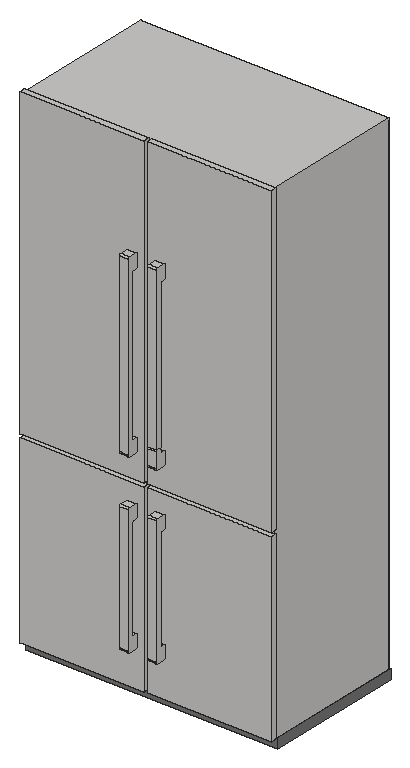
Revit family "DRF427500AP", category Specialty Equipment, Revit 2014
Parameters (values of type "DRF427500AP")
  iQ RemoteView™ Camera = "Yes"
  iQ Remote Diagnostics™ (Wi-Fi) = "Yes"
  Width = 41 3/4"
  Volts (V) = "115"
  Unit = Stainless Steel
  Triple Cooling (3 evaporators,2 compressors) = "Yes"
  Total Unit Gross Capacity (cu.ft.) - AHAM = "23.5 cu. ft."
  Support = Plastic-Black
  Special Modes = "Sabbath Mode"
  Shelf Material - Refrigerator = "Tempered Glass Shelves w/Metal Trim"
  Refrigerator Gross Capacity (cu.ft.) = "16.8 cu. ft."
  Refrigerator - Power Cool = "34°F (1°C)"
  Refrigerator = "34°F (1°C) to 44°F (7°C)"
  Push-To-Open™ Door Assist = "No"
  Power Freeze - Freezer = "Yes"
  Power Cord Length (in.) = "78 3/4\""
  Power Cool - Refrigerator = "Yes"
  Plug Type = "120 V, 3 Prong"
  Panel Ready = "Yes"
  Model = "DRF427500AP"
  Manufacturer = "Dacor"
  Lighting = "3DLighting™"
  Internal Water Dispenser = "Yes"
  Interior Material = "SteelCool™ Interior"
  Icemaker = "Dual Icemaker for Standard and Cocktail Ice™"
  Height = 83 3/8"
  Handle = Stainless Steel
  Full Width Shelves - Refrigerator = "1 ea"
  Full Extension Drawers at 90º Door Opening Angle = "Yes"
  FreshZone™ Plus Compartment = "Yes - Converts from freezer -8°F to to refrigerator 33°F"
  FreshZone™ Plus = "-8°F (-23°C) to 33°F (1°C)"
  FreshZone™ Drawer = "Yes - Cheese (37°F) / Cold Drinks (33°F) / Meat (29°F)"
  Frequency (Hz) = "60"
  Freezer Gross Capacity (cu.ft.) = "6.7 cu.ft."
  Freezer Drawers = "4 ea"
  Freezer - Power Freeze = "-8°F (-23°C)"
  Freezer = "-8°F (-23°C) to -5°F (-15°C)"
  ENERGY STAR® Qualified = "Yes"
  Door Open Alarm = "Yes"
  Door Bins -Refrigerator = "6 ea"
  Door = Stainless Steel
  Description = "42-INCH Four-Door FreshZone Plus French Door"
  Depth = 24 11/16"
  Deodorizing Filter = "Yes"
  Defrost Process - Freezer = "Frost-Free"
  Current (A) = "6"
  Crisper Drawers = "2 ea"
  Annual Energy Consumption = "629 kWy/year"
  Adjustable Shelves - Refrigerator = "4 ea"
Reference planes (in)
  plane 1 "Center (Front/Back)": y = 0
  plane 2: z = 0
  plane 3 "Center (Left/Right)": x = 0
  plane 4: y = 12.34375
  plane 5: y = -12.34375
  plane 6: x = -20.875
  plane 7: x = 20.875
  plane 8: z = 83.375
  plane 9: z = 1.5
  plane 10: y = -14.21875
  plane 11: y = -11.46875
  plane 12: x = -20.625
  plane 13: x = 20.625
  plane 14: z = 82.875
Forms (in)
  Extrusion 1, solid, material "Stainless Steel" <- "Unit"
    sketch origin (0, 0, 0) x (1, 0, 0) y (0, 1, 0)
      loop
        arc (-20.49609, 12.34375) -> (-20.58724, 12.30599) -> (-20.625, 12.21484) r 0.12891
        line (-20.625, 12.21484) -> (-20.625, -11.46875) -> (-20.125, -11.46875) -> (-20.125, 11.78125) -> (19.875, 11.78125) -> (19.875, -11.46875) -> (20.625, -11.46875) -> (20.625, 12.21622)
        arc (20.625, 12.21622) -> (20.58765, 12.3064) -> (20.49747, 12.34375) r 0.12753
        line (20.49747, 12.34375) -> (-20.49609, 12.34375)
    from 1.5 to 83.25
  Extrusion 2, solid, material "Stainless Steel" <- "Door"
    sketch origin (0, 0, 0) x (1, 0, 0) y (0, 0, 1)
      loop
        arc (-20.83614, 83.375) -> (-20.86362, 83.36362) -> (-20.875, 83.33614) r 0.03886
        line (-20.875, 83.33614) -> (-20.875, 32.60521)
        arc (-20.875, 32.60521) -> (-20.86356, 32.57759) -> (-20.83594, 32.56615) r 0.03906
        line (-20.83594, 32.56615) -> (-0.30469, 32.56615)
        arc (-0.30469, 32.56615) -> (-0.27707, 32.57759) -> (-0.26563, 32.60521) r 0.03906
        line (-0.26563, 32.60521) -> (-0.26563, 83.33594)
        arc (-0.26563, 83.33594) -> (-0.27707, 83.36356) -> (-0.30469, 83.375) r 0.03906
        line (-0.30469, 83.375) -> (-20.83614, 83.375)
      loop
        line (20.83594, 83.375) -> (0.27344, 83.375)
        arc (0.27344, 83.375) -> (0.24582, 83.36356) -> (0.23437, 83.33594) r 0.03906
        line (0.23437, 83.33594) -> (0.23437, 32.60521)
        arc (0.23437, 32.60521) -> (0.24582, 32.57759) -> (0.27344, 32.56615) r 0.03906
        line (0.27344, 32.56615) -> (20.83594, 32.56615)
        arc (20.83594, 32.56615) -> (20.86356, 32.57759) -> (20.875, 32.60521) r 0.03906
        line (20.875, 32.60521) -> (20.875, 83.33594)
        arc (20.875, 83.33594) -> (20.86356, 83.36356) -> (20.83594, 83.375) r 0.03906
      loop
        line (-20.83594, 1.5) -> (-0.30469, 1.5)
        arc (-0.30469, 1.5) -> (-0.27707, 1.51144) -> (-0.26563, 1.53906) r 0.03906
        line (-0.26563, 1.53906) -> (-0.26563, 31.96094)
        arc (-0.26563, 31.96094) -> (-0.27707, 31.98856) -> (-0.30469, 32) r 0.03906
        line (-0.30469, 32) -> (-20.83594, 32)
        arc (-20.83594, 32) -> (-20.86356, 31.98856) -> (-20.875, 31.96094) r 0.03906
        line (-20.875, 31.96094) -> (-20.875, 1.53906)
        arc (-20.875, 1.53906) -> (-20.86356, 1.51144) -> (-20.83594, 1.5) r 0.03906
      loop
        arc (20.83594, 1.5) -> (20.86356, 1.51144) -> (20.875, 1.53906) r 0.03906
        line (20.875, 1.53906) -> (20.875, 31.96094)
        arc (20.875, 31.96094) -> (20.86356, 31.98856) -> (20.83594, 32) r 0.03906
        line (20.83594, 32) -> (0.27344, 32)
        arc (0.27344, 32) -> (0.24582, 31.98856) -> (0.23437, 31.96094) r 0.03906
        line (0.23437, 31.96094) -> (0.23437, 1.53906)
        arc (0.23437, 1.53906) -> (0.24582, 1.51144) -> (0.27344, 1.5) r 0.03906
        line (0.27344, 1.5) -> (20.83594, 1.5)
    from 11.46875 to 12.34375
  Extrusion 3, solid, material "Stainless Steel" <- "Unit"
    sketch origin (0, 0, 83.25) x (1, 0, 0) y (0, 1, 0)
      loop
        line (19.875, 11.78125) -> (-20.125, 11.78125) -> (-20.125, -11.46875) -> (19.875, -11.46875) -> (19.875, 11.78125)
    from 0 to -2.02013
  Extrusion 4, solid, material "Stainless Steel" <- "Unit"
    sketch origin (0, 0, 1.5) x (0, 1, 0) y (1, 0, 0)
      loop
        line (11.78125, -20.125) -> (11.78125, 19.875) -> (-11.46875, 19.875) -> (-11.46875, -20.125) -> (11.78125, -20.125)
    from 0 to -1.07963
  Extrusion 5, solid, material "Plastic-Black" <- "Support"
    sketch origin (0, 0, 0) x (0, 1, 0) y (0, 0, 1)
      loop
        line (12.21484, 1.5) -> (-11.09375, 1.5) -> (-11.09375, 0) -> (12.21484, 0) -> (12.21484, 1.5)
    from -20.875 to 20.875
  Extrusion 6, solid, material "Stainless Steel" <- "Handle"
    sketch origin (-0.75, 2.5, 0) x (0, 1, 0) y (0, 0, 1)
      loop
        line (-14.625, 66.2177) -> (-16.25, 66.2177)
        arc (-16.25, 66.2177) -> (-16.42678, 66.14448) -> (-16.5, 65.9677) r 0.25
        line (-16.5, 65.9677) -> (-16.5, 63.4677)
        arc (-16.5, 63.4677) -> (-16.42678, 63.29092) -> (-16.25, 63.2177) r 0.25
        line (-16.25, 63.2177) -> (-16, 63.2177)
        arc (-16, 63.2177) -> (-15.82322, 63.29092) -> (-15.75, 63.4677) r 0.25
        line (-15.75, 63.4677) -> (-15.75, 63.85177)
        arc (-15.75, 63.85177) -> (-15.71605, 63.93374) -> (-15.63407, 63.9677) r 0.11593
        line (-15.63407, 63.9677) -> (-14.625, 63.9677) -> (-14.625, 66.2177)
      loop
        line (-14.625, 36.60994) -> (-14.625, 38.85994) -> (-15.63407, 38.85994)
        arc (-15.63407, 38.85994) -> (-15.71605, 38.89389) -> (-15.75, 38.97587) r 0.11593
        line (-15.75, 38.97587) -> (-15.75, 39.35994)
        arc (-15.75, 39.35994) -> (-15.82322, 39.53672) -> (-16, 39.60994) r 0.25
        line (-16, 39.60994) -> (-16.25, 39.60994)
        arc (-16.25, 39.60994) -> (-16.42678, 39.53672) -> (-16.5, 39.35994) r 0.25
        line (-16.5, 39.35994) -> (-16.5, 36.85994)
        arc (-16.5, 36.85994) -> (-16.42678, 36.68316) -> (-16.25, 36.60994) r 0.25
        line (-16.25, 36.60994) -> (-14.625, 36.60994)
    from -2.34178 to -0.84178
  Extrusion 7, solid, material "Stainless Steel" <- "Handle"
    sketch origin (-0.75, 2.5, 0) x (1, 0, 0) y (0, 1, 0)
      loop
        line (-2.34178, -15.75) -> (-2.34178, -16.5) -> (-0.84178, -16.5) -> (-0.84178, -15.75) -> (-2.34178, -15.75)
    from 39.28882 to 64.00279
  Extrusion 8, solid, material "Stainless Steel" <- "Handle"
    sketch origin (0.75, 2.5, 0) x (0, 1, 0) y (0, 0, -1)
      loop
        line (-14.625, -66.2177) -> (-14.625, -63.9677) -> (-15.63407, -63.9677)
        arc (-15.63407, -63.9677) -> (-15.71605, -63.93374) -> (-15.75, -63.85177) r 0.11593
        line (-15.75, -63.85177) -> (-15.75, -63.4677)
        arc (-15.75, -63.4677) -> (-15.82322, -63.29092) -> (-16, -63.2177) r 0.25
        line (-16, -63.2177) -> (-16.25, -63.2177)
        arc (-16.25, -63.2177) -> (-16.42678, -63.29092) -> (-16.5, -63.4677) r 0.25
        line (-16.5, -63.4677) -> (-16.5, -65.9677)
        arc (-16.5, -65.9677) -> (-16.42678, -66.14448) -> (-16.25, -66.2177) r 0.25
        line (-16.25, -66.2177) -> (-14.625, -66.2177)
      loop
        line (-14.625, -36.23494) -> (-16.25, -36.23494)
        arc (-16.25, -36.23494) -> (-16.42678, -36.30816) -> (-16.5, -36.48494) r 0.25
        line (-16.5, -36.48494) -> (-16.5, -38.98494)
        arc (-16.5, -38.98494) -> (-16.42678, -39.16172) -> (-16.25, -39.23494) r 0.25
        line (-16.25, -39.23494) -> (-16, -39.23494)
        arc (-16, -39.23494) -> (-15.82322, -39.16172) -> (-15.75, -38.98494) r 0.25
        line (-15.75, -38.98494) -> (-15.75, -38.60087)
        arc (-15.75, -38.60087) -> (-15.71605, -38.51889) -> (-15.63407, -38.48494) r 0.11593
        line (-15.63407, -38.48494) -> (-14.625, -38.48494) -> (-14.625, -36.23494)
    from -2.34178 to -0.84178
  Extrusion 9, solid, material "Stainless Steel" <- "Handle"
    sketch origin (0.75, 2.5, 0) x (-1, 0, 0) y (0, -1, 0)
      loop
        line (-2.34178, 15.75) -> (-0.84178, 15.75) -> (-0.84178, 16.5) -> (-2.34178, 16.5) -> (-2.34178, 15.75)
    from 39.28882 to 64.00279
  Extrusion 10, solid, material "Stainless Steel" <- "Handle"
    sketch origin (-0.75, 2.5, -36.60994) x (0, 1, 0) y (0, 0, 1)
      loop
        line (-14.625, 65.5927) -> (-16.25, 65.5927)
        arc (-16.25, 65.5927) -> (-16.42678, 65.51948) -> (-16.5, 65.3427) r 0.25
        line (-16.5, 65.3427) -> (-16.5, 62.8427)
        arc (-16.5, 62.8427) -> (-16.42678, 62.66592) -> (-16.25, 62.5927) r 0.25
        line (-16.25, 62.5927) -> (-16, 62.5927)
        arc (-16, 62.5927) -> (-15.82322, 62.66592) -> (-15.75, 62.8427) r 0.25
        line (-15.75, 62.8427) -> (-15.75, 63.22677)
        arc (-15.75, 63.22677) -> (-15.71605, 63.30874) -> (-15.63407, 63.3427) r 0.11593
        line (-15.63407, 63.3427) -> (-14.625, 63.3427) -> (-14.625, 65.5927)
      loop
        line (-14.625, 44.10994) -> (-14.625, 46.35994) -> (-15.63407, 46.35994)
        arc (-15.63407, 46.35994) -> (-15.71605, 46.39389) -> (-15.75, 46.47587) r 0.11593
        line (-15.75, 46.47587) -> (-15.75, 46.85994)
        arc (-15.75, 46.85994) -> (-15.82322, 47.03672) -> (-16, 47.10994) r 0.25
        line (-16, 47.10994) -> (-16.25, 47.10994)
        arc (-16.25, 47.10994) -> (-16.42678, 47.03672) -> (-16.5, 46.85994) r 0.25
        line (-16.5, 46.85994) -> (-16.5, 44.35994)
        arc (-16.5, 44.35994) -> (-16.42678, 44.18316) -> (-16.25, 44.10994) r 0.25
        line (-16.25, 44.10994) -> (-14.625, 44.10994)
    from -2.34178 to -0.84178
  Extrusion 11, solid, material "Stainless Steel" <- "Handle"
    sketch origin (-0.75, 2.5, -36.60994) x (1, 0, 0) y (0, 1, 0)
      loop
        line (-2.34178, -15.75) -> (-2.34178, -16.5) -> (-0.84178, -16.5) -> (-0.84178, -15.75) -> (-2.34178, -15.75)
    from 45.92611 to 64.00279
  Extrusion 12, solid, material "Stainless Steel" <- "Handle"
    sketch origin (0.75, 2.5, -36.60994) x (0, 1, 0) y (0, 0, -1)
      loop
        line (-14.625, -65.5927) -> (-14.625, -63.3427) -> (-15.63407, -63.3427)
        arc (-15.63407, -63.3427) -> (-15.71605, -63.30874) -> (-15.75, -63.22677) r 0.11593
        line (-15.75, -63.22677) -> (-15.75, -62.8427)
        arc (-15.75, -62.8427) -> (-15.82322, -62.66592) -> (-16, -62.5927) r 0.25
        line (-16, -62.5927) -> (-16.25, -62.5927)
        arc (-16.25, -62.5927) -> (-16.42678, -62.66592) -> (-16.5, -62.8427) r 0.25
        line (-16.5, -62.8427) -> (-16.5, -65.3427)
        arc (-16.5, -65.3427) -> (-16.42678, -65.51948) -> (-16.25, -65.5927) r 0.25
        line (-16.25, -65.5927) -> (-14.625, -65.5927)
      loop
        line (-14.625, -44.10994) -> (-16.25, -44.10994)
        arc (-16.25, -44.10994) -> (-16.42678, -44.18316) -> (-16.5, -44.35994) r 0.25
        line (-16.5, -44.35994) -> (-16.5, -46.85994)
        arc (-16.5, -46.85994) -> (-16.42678, -47.03672) -> (-16.25, -47.10994) r 0.25
        line (-16.25, -47.10994) -> (-16, -47.10994)
        arc (-16, -47.10994) -> (-15.82322, -47.03672) -> (-15.75, -46.85994) r 0.25
        line (-15.75, -46.85994) -> (-15.75, -46.47587)
        arc (-15.75, -46.47587) -> (-15.71605, -46.39389) -> (-15.63407, -46.35994) r 0.11593
        line (-15.63407, -46.35994) -> (-14.625, -46.35994) -> (-14.625, -44.10994)
    from -2.34178 to -0.84178
  Extrusion 13, solid, material "Stainless Steel" <- "Handle"
    sketch origin (0.75, 2.5, -36.60994) x (-1, 0, 0) y (0, -1, 0)
      loop
        line (-2.34178, 15.75) -> (-0.84178, 15.75) -> (-0.84178, 16.5) -> (-2.34178, 16.5) -> (-2.34178, 15.75)
    from 45.92611 to 64.00279
Cuts and joins
  joined: Extrusion 1, Extrusion 3, Extrusion 4
  joined: Extrusion 6, Extrusion 7
  joined: Extrusion 8, Extrusion 9
  joined: Extrusion 10, Extrusion 11
  joined: Extrusion 12, Extrusion 13
Dimensions and locks (in)
  equal spacing: plane 6, plane 3 "Center (Left/Right)", plane 7
  "Width": plane 6 to plane 7
  equal spacing: plane 4, plane 1 "Center (Front/Back)", plane 5
  "Depth": plane 4 to plane 5
  "Height": plane 8 to plane 2
  locked: plane 9 to plane 2 at 1.5
  plane 5 to plane 10 = 1 7/8"
  locked: plane 4 to plane 11 at 23.8125
  plane 12 to plane 13 = 41 1/4"
  locked: plane 8 to plane 14 at 0.5
  Extrusion 5 to Extrusion 5 = 41 3/4"
  Extrusion 2 to cut or joined group of Extrusion 1, Extrusion 3, Extrusion 4 = 24 11/16"
  Extrusion 2 to Extrusion 5 = 83 3/8"
  aligned and locked: level to plane 2
Automatic sketch dimensions
  Extrusion 1 sketch curve to plane 11 = 0"  (x2)
  Extrusion 1 sketch curve to plane 12 = 0"
  Extrusion 1 sketch curve to plane 4 = 0"
  Extrusion 1 sketch curve to plane 13 = 0"
  Extrusion 1 sketch curve to Extrusion 1 sketch curve = 33/256"
  Extrusion 1 sketch curve to Extrusion 1 sketch curve = 1/2"
  Extrusion 1 sketch curve to plane 13 = 3/4"
  Extrusion 1 sketch curve to plane 4 = 0.12753"
  Extrusion 1 sketch curve to plane 4 = 9/16"
  Extrusion 2 sketch curve to plane 6 = 0"  (x2)
  Extrusion 2 sketch curve to plane 8 = 0"  (x2)
  Extrusion 2 sketch curve to plane 9 = 0"  (x2)
  Extrusion 2 sketch curve to plane 7 = 0"  (x2)
  plane 6 to Extrusion 2 sketch curve = 0.03886"
  plane 6 to Extrusion 2 sketch curve = 5/128"  (x3)
  Extrusion 2 sketch curve to plane 3 "Center (Left/Right)" = 39/128"  (x4)
  Extrusion 2 sketch curve to Extrusion 2 sketch curve = 5/128"  (x5)
  Extrusion 2 sketch curve to plane 8 = 5/128"  (x2)
  plane 9 to Extrusion 2 sketch curve = 5/128"
  plane 3 "Center (Left/Right)" to Extrusion 2 sketch curve = 15/64"  (x2)
  Extrusion 2 sketch curve to plane 7 = 5/128"  (x3)
  Extrusion 2 sketch curve to Extrusion 2 sketch curve = 30 27/64"
  Extrusion 2 sketch curve to Extrusion 2 sketch curve = 0"
  Extrusion 2 sketch curve to Extrusion 2 sketch curve = 0.56615"
  Extrusion 3 sketch curve to Extrusion 1 = 0"  (x2)
  Extrusion 1 to Extrusion 3 sketch curve = 0"  (x2)
  Extrusion 4 sketch curve to Extrusion 1 = 0"  (x4)
  Extrusion 5 sketch curve to plane 9 = 0"
  Extrusion 5 sketch curve to level = 0"
  plane 11 to Extrusion 5 sketch curve = 3/8"
  Extrusion 5 sketch curve to plane 4 = 33/256"
  Extrusion 6 sketch curve to plane 10 = 7/32"  (x2)
  Extrusion 6 sketch curve to plane 10 = 15/32"  (x4)
  Extrusion 6 sketch curve to Extrusion 6 sketch curve = 1/4"  (x4)
  Extrusion 6 sketch curve to Extrusion 6 sketch curve = 0.11593"  (x2)
  plane 5 to Extrusion 6 sketch curve = 7/32"  (x2)
  plane 9 to Extrusion 6 sketch curve = 35.10994"
  Extrusion 6 sketch curve to Extrusion 6 sketch curve = 2 1/4"
  Extrusion 6 sketch curve to Extrusion 6 sketch curve = 0.38407"  (x2)
  Extrusion 6 sketch curve to plane 14 = 19.6573"
  Extrusion 6 sketch curve to Extrusion 6 sketch curve = 2"
  Extrusion 7 sketch curve to plane 10 = 7/32"
  Extrusion 7 sketch curve to plane 3 "Center (Left/Right)" = 3.09178"
  Extrusion 7 sketch curve to Extrusion 7 sketch curve = 1 1/2"
  Extrusion 7 sketch curve to plane 10 = 31/32"
  Extrusion 8 sketch curve to plane 10 = 7/32"  (x2)
  Extrusion 8 sketch curve to plane 10 = 15/32"  (x4)
  Extrusion 8 sketch curve to Extrusion 8 sketch curve = 1/4"  (x4)
  Extrusion 8 sketch curve to Extrusion 8 sketch curve = 0.11593"  (x2)
  plane 5 to Extrusion 8 sketch curve = 7/32"  (x2)
  Extrusion 8 sketch curve to plane 14 = 16.6573"
  Extrusion 8 sketch curve to Extrusion 8 sketch curve = 2 1/4"
  Extrusion 8 sketch curve to Extrusion 8 sketch curve = 0.38407"  (x2)
  Extrusion 8 sketch curve to Extrusion 8 sketch curve = 23.98276"
  Extrusion 8 sketch curve to Extrusion 8 sketch curve = 2"
  Extrusion 9 sketch curve to plane 10 = 7/32"
  plane 3 "Center (Left/Right)" to Extrusion 9 sketch curve = 3.09178"
  Extrusion 9 sketch curve to Extrusion 9 sketch curve = 1 1/2"
  Extrusion 9 sketch curve to plane 10 = 31/32"
  Extrusion 10 sketch curve to plane 10 = 7/32"  (x2)
  Extrusion 10 sketch curve to plane 10 = 15/32"  (x4)
  Extrusion 10 sketch curve to Extrusion 10 sketch curve = 1/4"  (x4)
  Extrusion 10 sketch curve to Extrusion 10 sketch curve = 0.11593"  (x2)
  plane 5 to Extrusion 10 sketch curve = 7/32"  (x2)
  plane 9 to Extrusion 10 sketch curve = 6"
  Extrusion 10 sketch curve to Extrusion 10 sketch curve = 2 1/4"
  Extrusion 10 sketch curve to Extrusion 10 sketch curve = 0.38407"  (x2)
  Extrusion 10 sketch curve to Extrusion 10 sketch curve = 15.48276"
  Extrusion 10 sketch curve to Extrusion 10 sketch curve = 2"
  Extrusion 11 sketch curve to plane 10 = 7/32"
  Extrusion 11 sketch curve to plane 3 "Center (Left/Right)" = 3.09178"
  Extrusion 11 sketch curve to Extrusion 11 sketch curve = 1 1/2"
  Extrusion 11 sketch curve to plane 10 = 31/32"
  Extrusion 12 sketch curve to plane 10 = 7/32"  (x2)
  Extrusion 12 sketch curve to plane 10 = 15/32"  (x4)
  Extrusion 12 sketch curve to Extrusion 12 sketch curve = 1/4"  (x4)
  Extrusion 12 sketch curve to Extrusion 12 sketch curve = 0.11593"  (x2)
  plane 5 to Extrusion 12 sketch curve = 7/32"  (x2)
  plane 9 to Extrusion 12 sketch curve = 27.48276"
  Extrusion 12 sketch curve to Extrusion 12 sketch curve = 2 1/4"
  Extrusion 12 sketch curve to Extrusion 12 sketch curve = 0.38407"  (x2)
  plane 9 to Extrusion 12 sketch curve = 9"
  Extrusion 12 sketch curve to Extrusion 12 sketch curve = 2"
  Extrusion 13 sketch curve to plane 10 = 7/32"
  plane 3 "Center (Left/Right)" to Extrusion 13 sketch curve = 3.09178"
  Extrusion 13 sketch curve to Extrusion 13 sketch curve = 1 1/2"
  Extrusion 13 sketch curve to plane 10 = 31/32"
